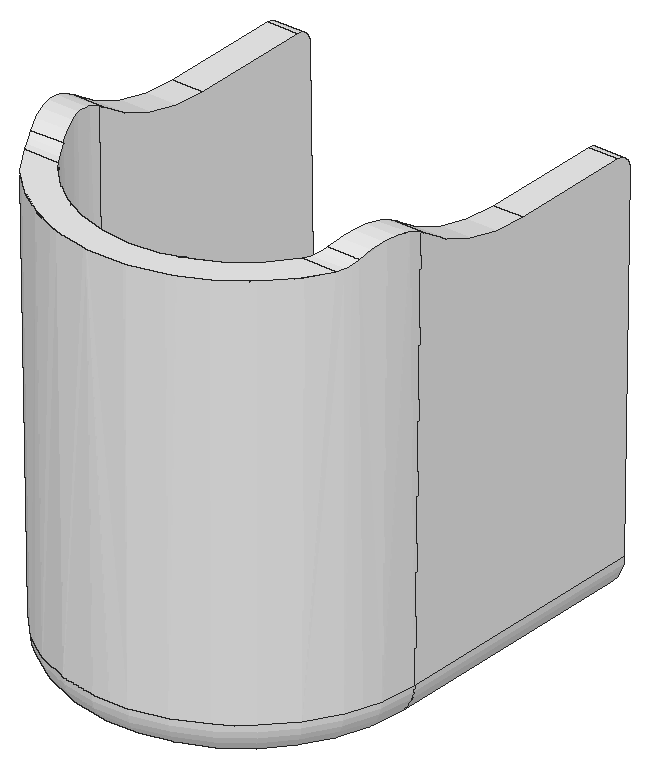
Revit family "Reece_Basin_Roca_Meridian_Semi Pedestal_240 mm", category Plumbing Fixtures, Revit 2018
Family settings
  Round Connector Dimension = Use Diameter
  Part Type = Normal
  Work Plane-Based = Yes
  Always vertical = Yes
  Cut with Voids When Loaded = Yes
  Shared = Yes
  Room Calculation Point = Yes
Parameters (values of type "Vitreous China")
  URL = "https://www.reece.com.au/product/-9503609"
  Type Comments = "Basin"
  Reece_Product_Web Page = "https://www.reece.com.au/product/-9503609"
  Reece_Product_Type = "Basin"  # constant formula
  Reece_Product_Sub Brand = "Meridian"  # constant formula
  Reece_Product_Number = "9503609"
  Reece_Product_Mount = "Wall Mounted"
  Reece_Product_Description = "Roca Meridian Semi Pedestal White"
  Reece_Product_Brand = "Roca"  # constant formula
  Reece_Overall_Width = 240 mm  # constant formula
  Reece_Overall_Height = 300 mm  # constant formula
  Reece_Overall_Depth = 300 mm  # constant formula
  Reece_Material_Main = Reece_Vitreous China_White
  Reece_Height_From_Level = 435 mm
  Reece_Detail_Installation = ""
  Reece_Detail_Disclaimer = "THIS FILE IS THE PROPERTY OF THE REECE GROUP. IT MAY NOT BE REPRODUCED, REVERSE-ENGINEERED OR MODIFIED. ANY REPUBLICATION, TRANSMISSION OR DISTRIBUTION FOR THE PURPOSE OF COMMERCIALLY EXPLOITING THE FILES IS PROHIBITED."  # constant formula
  Reece_Detail_Connector = ""
  Reece_Detail_Additional = "Basin Pedestal"  # constant formula
  Model = "Meridian"
  Manufacturer = "Roca"
  Keynote = "Product #9503609, Reece_Basin_Roca_Meridian_Semi Pedestal_240 mm - Vitreous China"
  Disclaimer = "THIS FILE IS THE PROPERTY OF THE REECE GROUP. IT MAY NOT BE REPRODUCED, REVERSE-ENGINEERED OR MODIFIED. ANY REPUBLICATION, TRANSMISSION OR DISTRIBUTION FOR THE PURPOSE OF COMMERCIALLY EXPLOITING THE FILES IS PROHIBITED."  # constant formula
  Description = "Roca Meridian Semi Pedestal White"
  Default Elevation = 0 mm
Types (2, lengths in mm): name | Keynote
  (no name) | "Product #9503609, Reece_Basin_Roca_Meridian_Semi Pedestal_240 mm -  "
  Vitreous China | "Product #9503609, Reece_Basin_Roca_Meridian_Semi Pedestal_240 mm - Vitreous China"
Reference planes
  plane 1 "Center (Front/Back)": y = 0
  plane 2 "Bottom Host Plane": z = -5
  plane 3 "Center (Left/Right)": x = 0
  plane 4 "Top host": z = 435
  plane 5: x = 120
  plane 6: x = -120
  plane 7: y = -300
  plane 8: z = 735
Forms (mm)
  Extrusion 1, void
    sketch origin (-4.375, 0, 300) x (0, 1, 0) y (0, 0, 1)
      loop
        line (-315, 435) -> (-235, 435)
        arc (-235, 435) -> (-228.345, 435.983) -> (-222.258, 438.848) r 23.021
        arc (-222.258, 438.848) -> (-199.223, 445.524) -> (-176.509, 437.825) r 40
        arc (-176.509, 437.825) -> (-136.123, 417.132) -> (-91.308, 410) r 144.359
        line (-91.308, 410) -> (-10, 410)
        arc (-10, 410) -> (-2.929, 407.071) -> (0, 400) r 10
        line (0, 400) -> (0, 320) -> (50, 320) -> (50, 513.899) -> (-315, 513.899) -> (-315, 435)
    from -126.51 to 156.583
  Extrusion 2, solid, material "Reece_Vitreous China_White" <- "Reece_Material_Main"
    sketch origin (0, 0, 435) x (0, 1, 0) y (-1, 0, 0)
      loop
        arc (-180, 75.5) -> (-255.5, 0) -> (-180, -75.5) r 75.5
        line (-180, -75.5) -> (0, -75.5) -> (0, 75.5) -> (-180, 75.5)
    from 0 to 20
  Sweep 3, solid, material "Reece_Vitreous China_White" <- "Reece_Material_Main"
    path origin (0, 0, 435) x (0, 1, 0) y (-1, 0, 0)
      loop
        line (0, 120.5) -> (-180, 120.5)
        arc (-180, 120.5) -> (-300.5, 0) -> (-180, -120.5) r 120.5
        line (-180, -120.5) -> (0, -120.5)
    profile origin (-120.5, -90, 435) x (1, 0, 0) y (0, 0, 1)
      loop
        line (-0.804, 352.237) -> (4.237, 24.615)
        arc (4.237, 24.615) -> (11.693, 7.187) -> (29.234, 0) r 25
        line (29.234, 0) -> (45, 0) -> (45, 20) -> (39.466, 20)
        arc (39.466, 20) -> (28.941, 24.312) -> (24.467, 34.769) r 15
        line (24.467, 34.769) -> (19.62, 349.874)
        arc (19.62, 349.874) -> (18.904, 351.547) -> (17.22, 352.237) r 2.4
        line (17.22, 352.237) -> (-0.804, 352.237)
Cuts and joins
  Extrusion 1 cuts Sweep 3
  joined: Extrusion 2, Sweep 3
Lines and regions (mm)
  model lines, style "InvisibleLines"
    curve 1: line (0, 0, -5) -> (0, 0, 735)
Text (mm)
  text "Reece ©" at (2531.567, -2259.88, 3225.365), in view "Reece Preview"
  text "Reece Copyright © 2018, Reece Ltd." at (-569.418, -335.023, 0), in view "Ref. Level"
Dimensions and locks
  "Reece_Height_From_Level": plane 4 "Top host" to level
  "Reece_Overall_Height": plane 8 to plane 4 "Top host"
  locked: Extrusion 2 to Extrusion 2 at 20
  "Reece_Overall_Width": plane 6 to plane 5
  "Reece_Overall_Depth": plane 7 to plane 1 "Center (Front/Back)"
  "Reece_Overall_Depth": curve 1 to plane 7
  plane 5 to plane 6 = 240 mm
  "Reece_Overall_Height": cut or joined group of Extrusion 1, Extrusion 2, Sweep 3 to plane 4 "Top host"
  aligned and locked: plane 2 "Bottom Host Plane" to curve 1
  aligned and locked: plane 8 to curve 1
Automatic sketch dimensions
  Extrusion 1 sketch curve to plane 8 = 0 mm
  Extrusion 1 sketch curve to plane 1 "Center (Front/Back)" = 0 mm
  plane 1 "Center (Front/Back)" to Extrusion 1 sketch curve = 10 mm
  plane 1 "Center (Front/Back)" to Extrusion 1 sketch curve = 91.308 mm
  Extrusion 1 sketch curve to plane 8 = 29.466 mm
  Extrusion 1 sketch curve to plane 7 = 99.883 mm
  Extrusion 1 sketch curve to Extrusion 1 sketch curve = 34.883 mm
  plane 7 to Extrusion 1 sketch curve = 15 mm
  Extrusion 1 sketch curve to Extrusion 1 sketch curve = 50 mm
  Extrusion 1 sketch curve to plane 8 = 35 mm
  Extrusion 1 sketch curve to Extrusion 1 sketch curve = 80 mm
  Extrusion 1 sketch curve to Extrusion 1 sketch curve = 23.021 mm
  Extrusion 1 sketch curve to Extrusion 1 sketch curve = 78.899 mm
  plane 8 to Extrusion 1 sketch curve = 119.359 mm
  Extrusion 1 sketch curve to Extrusion 1 sketch curve = 0 mm
  Sweep 3 sketch curve to profile plane = 0 mm
  profile plane to Sweep 3 sketch curve = 0.804 mm
  Sweep 3 sketch curve to profile plane = 4.237 mm
  Sweep 3 sketch curve to profile plane = 17.22 mm
  Sweep 3 sketch curve to Sweep 3 sketch curve = 2.4 mm
  Sweep 3 sketch curve to Sweep 3 sketch curve = 20.231 mm
  Sweep 3 sketch curve to profile plane = 29.234 mm
  Sweep 3 sketch curve to Sweep 3 sketch curve = 10.232 mm
  Sweep 3 sketch curve to Sweep 3 sketch curve = 15.766 mm
  profile plane to Sweep 3 sketch curve = 20 mm
  profile plane to Sweep 3 sketch curve = 24.615 mm
  Sweep 3 sketch curve to Sweep 3 sketch curve = 9.769 mm
  Sweep 3 sketch curve to Sweep 3 sketch curve = 315.067 mm
  Sweep 3 sketch curve to Sweep 3 sketch curve = 0.037 mm
  Extrusion 2 sketch curve to plane 3 "Center (Left/Right)" = 0 mm
  plane 1 "Center (Front/Back)" to Extrusion 2 sketch curve = 0 mm
  Extrusion 2 sketch curve to plane 7 = 120 mm
  Extrusion 2 sketch curve to plane 5 = 44.5 mm
  Sweep 3 sketch curve to plane 3 "Center (Left/Right)" = 0 mm
  plane 1 "Center (Front/Back)" to Sweep 3 sketch curve = 0 mm  (x2)
  Sweep 3 sketch curve to plane 7 = 120 mm
  plane 5 to Sweep 3 sketch curve = 0.5 mm
  curve 1 to plane 8 = 0 mm
